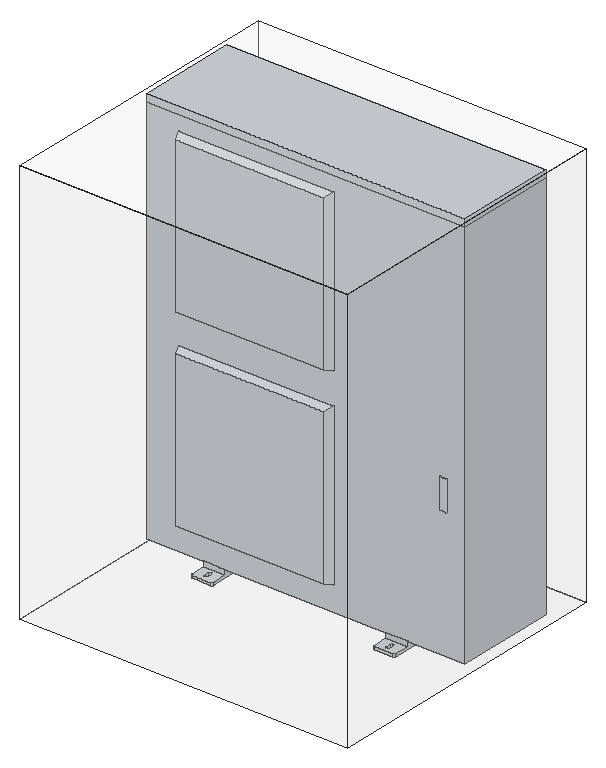
Revit family "puz-dhrmp80_140ka4_60hz", category 機械設備, Revit 2019
Family settings
  丸型コネクタ寸法 = 直径を使用
  パーツ タイプ = 標準
  OmniClass 番号 = 23.75.10.24.21.27.27
  OmniClass タイトル = Split System Air Conditioning Units
  作業面ベース = いいえ
  常に垂直 = はい
  ロード時にボイドで切り取り = いいえ
  共有 = いいえ
  部屋計算ポイント = いいえ
Parameters (values of type "室外機_PUZ-DHRMP112KA4")
  音響パワーレベル_冷房 (dB) = 66
  音響パワーレベル_暖房 (dB) = 69
  音響パワーレベル(dB) = [音響パワーレベル_暖房 (dB)]  # 69
  電源種別 = ""
  電源位置Y = 2 mm
  電源位置Z = 1063 mm
  電源位置X = 325 mm
  電圧 = 200 V
  電動機出力_送風機 = 0.12 kW
  電動機出力_圧縮機 = 2.1 kW
  集中コントローラ [instance] = ""
  運転質量 = 0.00 kg
  運転方法 = "冷暖切替"
  質量 = if(製品質量 > 運転質量, 製品質量, 運転質量) * 1.2  # 138.00 kg
  負荷分類 = 1_熱源類
  説明 = "空冷H/P PAC インバータ室外機"
  設計暖房能力 [instance] = 0 kW
  設計冷房能力_顕熱 [instance] = 0 kW
  設計冷房能力 [instance] = 0 kW
  設置方法 = "床置形"
  記号 [instance] = ""
  製造元 = "三菱電機株式会社"
  製品質量 = 115.00 kg
  製品出荷対象 = "国内"
  製品リリース年月 = ""
  製品グループ = ""
  系統 [instance] = ""
  符号 = "PAC"
  積算_科目 = "1 空気調和設備"
  積算_拾い区分 [instance] = ""
  相 = 3
  盤記号 [instance] = ""
  発停方法 = "付属スイッチ"
  特殊仕様 [instance] = ""
  消費電力_暖房 = 2.69 kW
  消費電力_冷房 = 2.5 kW
  消費電力 = if(消費電力_冷房 > 消費電力_暖房, 消費電力_冷房, 消費電力_暖房)  # 2.69 kW
  法定耐用年数 = "6"
  構成品番 = "PUZ-DHRMP112KA4"
  極数 = 3
  材質 [instance] = ""
  本体マテリアル = none
  最小電線太さ_mm2 = 5.5
  最大電流値 = 0 A
  暖房能力 = 11.2 kW
  推奨ブレーカー容量 = 30 A
  据付ピッチ1 = 0 mm
  形式 = "パッケージ形 室外機"
  形名 = PUZ-HDRMP-3 : PUZ-HDRMP-3
  幹線記号 [instance] = ""
  始動方式 = "インバータ始動方式"
  呼称 = "パッケージ形空気調和機_室外機"
  周波数 = 60 Hz
  価格 = 0
  ドレン　位置Z = 23 mm
  ドレン　位置Y = 176 mm
  ドレン　位置X = 45 mm
  アンカーボルト位置Y = 370 mm
  アンカーボルト位置X = 600 mm
  参照している仕様書等のバージョン = "公共建築物標準仕様書（機械設備工事編）平成31年度版"
  分類コード = "5.0053E+13"
  分類グループ = ""
  冷房能力 = 10 kW
  冷媒管（ガス）位置X = 483 mm
  冷媒管（液）位置X = 423 mm
  冷媒管（液）位置Y = 290 mm
  冷媒管（ガス）位置Y = 234 mm
  冷媒管長 [instance] = 0 mm
  冷媒管径符号 = "Bd"
  冷媒管径 = 100.00 mm
  冷媒管位置Z = 450 mm
  冷媒管位置Y = (冷媒管（液）位置Y + 冷媒管（ガス）位置Y) / 2  # 262 mm
  冷媒管位置X = (冷媒管（液）位置X + 冷媒管（ガス）位置X) / 2  # 453 mm
  冷媒液管径 = 9.52 mm
  冷媒ガス管径 = 15.88 mm
  企業コード = "108420"
  付属品 [instance] = ""
  仕様書バージョン = "Version1.0"
  ユニット数 = 1
  Model = ""
  ドレン管径 = 33.00 mm
  サービススペース = yes
  コメント [instance] = ""
  ケーブル種類1 = ""
  【値が 0 の項目は組合せ形名にてご確認ください】 = ""
  Width = 1050 mm
  Version = ""
  Uniclass2015Version = "Systems v1.9"
  Uniclass2015Title = "Split coil remote air cooled condensing units"
  Uniclass2015Code = "Pr_70_65_03_84"
  URL = "https://www.mitsubishielectric.co.jp/ldg/wink/ssl/top.do"
  SpecificationReference = ""
  SpecificationDescription = ""
  Revision = ""
  ProductInformation = ""
  OmniClassCode = "23-33 17 13 11"
  IfcTypeProduct = ""
  IfcProduct = ""
  IfcExportType = "AIRCONDITIONINGUNIT"
  IfcExportAs = "IfcUnitaryEquipmentType"
  Height = 1338 mm
  Depth = 330 mm
  Clearance Top = 0 mm
  Clearance Right = 15 mm
  Clearance Left = 15 mm
  Clearance Front = 500 mm
  Clearance Bottom = 0 mm
  Clearance Back = 150 mm
  COP = 0
  Author = "三菱電機株式会社"
  APF = 0
Reference planes
  plane 1 "中心(正面/背面)": y = 74
  plane 2: z = 0
  plane 3 "中心(左/右)": x = 830
  plane 4 "右": x = 1355
  plane 5 "左": x = 305
  plane 6 "背面": y = 239
  plane 7 "正面": y = -91
  plane 8 "上部": z = 1338
  plane 9 "Clearanse Top": z = 1338
  plane 10 "SS_back": y = 389
  plane 11 "SS_front": y = -591
  plane 12 "SS_left": x = 290
  plane 13 "SS_right": x = 1370
  plane 14: z = 0
  plane 15: y = -89
  plane 16: x = 1155
  plane 17: z = 1063
  plane 18: y = -87
  plane 19: y = -23
  plane 20: x = 1283
  plane 21: z = 450
  plane 22: z = 452
  plane 23: y = 63
  plane 24: x = 350
  plane 25: z = 25
  plane 26: z = 23
  plane 27: x = 530
  plane 28: x = 1130
  plane 29: y = 259
  plane 30: y = -111
Forms (mm)
  Extrusion 1, solid, detail levels fine
    sketch origin (0, -91, 0) x (1, 0, 0) y (0, 0, 1)
      loop
        circle (1155, 1063) r 13.5
    from -4 to -2
  Extrusion 2, solid, detail levels fine
    sketch origin (-1437.329, -1524, 54) x (-1, 0, 0) y (0, -1, 0)
      loop
        circle (-2720.329, -1501) r 50
    from 396 to 398
  Extrusion 3, solid, detail levels fine
    sketch origin (-1437.329, -1524, 54) x (-1, 0, 0) y (0, -1, 0)
      loop
        circle (-1787.329, -1587) r 16.5
    from -31 to -29
Lines and regions (mm)
  model lines, not visible
    curve 1: line (460, 178.667, 1289.179) -> (460, 297.73, 1289.179)
    curve 2: line (460, 178.667, 1056.056) -> (460, 178.667, 1289.179)
    curve 3: line (460, 297.73, 1056.056) -> (460, 178.667, 1056.056)
    curve 4: line (460, 297.73, 1289.179) -> (460, 297.73, 1056.056)
    curve 5: line (460, 47.598, 1289.179) -> (460, 166.661, 1289.179)
    curve 6: line (460, 47.598, 1056.056) -> (460, 47.598, 1289.179)
    curve 7: line (460, 166.661, 1056.056) -> (460, 47.598, 1056.056)
    curve 8: line (460, 166.661, 1289.179) -> (460, 166.661, 1056.056)
    curve 9: line (460, -83.471, 1289.179) -> (460, 35.592, 1289.179)
    curve 10: line (460, -83.471, 1056.056) -> (460, -83.471, 1289.179)
    curve 11: line (460, 35.592, 1056.056) -> (460, -83.471, 1056.056)
    curve 12: line (460, 35.592, 1289.179) -> (460, 35.592, 1056.056)
    curve 13: line (460, -150.779, 1289.179) -> (460, -95.75, 1289.179)
    curve 14: line (460, -150.779, 1056.056) -> (460, -150.779, 1289.179)
    curve 15: line (460, -95.75, 1056.056) -> (460, -150.779, 1056.056)
    curve 16: line (460, -95.75, 1289.179) -> (460, -95.75, 1056.056)
    curve 17: line (460, -150.779, 1283.175) -> (460, -132.596, 1283.175)
    curve 18: line (460, -150.779, 1062.059) -> (460, -150.779, 1283.175)
    curve 19: line (460, -132.596, 1062.059) -> (460, -150.779, 1062.059)
    curve 20: line (460, -132.596, 1283.175) -> (460, -132.596, 1062.059)
    curve 21: line (460, 178.667, 1046.051) -> (460, 297.73, 1046.051)
    curve 22: line (460, 178.667, 812.928) -> (460, 178.667, 1046.051)
    curve 23: line (460, 297.73, 812.928) -> (460, 178.667, 812.928)
    curve 24: line (460, 297.73, 1046.051) -> (460, 297.73, 812.928)
    curve 25: line (460, 47.598, 1046.051) -> (460, 166.661, 1046.051)
    curve 26: line (460, 47.598, 812.928) -> (460, 47.598, 1046.051)
    curve 27: line (460, 166.661, 812.928) -> (460, 47.598, 812.928)
    curve 28: line (460, 166.661, 1046.051) -> (460, 166.661, 812.928)
    curve 29: line (460, -83.471, 1046.051) -> (460, 35.592, 1046.051)
    curve 30: line (460, -83.471, 812.928) -> (460, -83.471, 1046.051)
    curve 31: line (460, 35.592, 812.928) -> (460, -83.471, 812.928)
    curve 32: line (460, 35.592, 1046.051) -> (460, 35.592, 812.928)
    curve 33: line (460, -150.779, 1046.051) -> (460, -95.75, 1046.051)
    curve 34: line (460, -150.779, 812.928) -> (460, -150.779, 1046.051)
    curve 35: line (460, -95.75, 812.928) -> (460, -150.779, 812.928)
    curve 36: line (460, -95.75, 1046.051) -> (460, -95.75, 812.928)
    curve 37: line (460, -150.779, 1040.048) -> (460, -132.596, 1040.048)
    curve 38: line (460, -150.779, 818.931) -> (460, -150.779, 1040.048)
    curve 39: line (460, -132.596, 818.931) -> (460, -150.779, 818.931)
    curve 40: line (460, -132.596, 1040.048) -> (460, -132.596, 818.931)
    curve 41: line (460, 178.667, 802.923) -> (460, 297.73, 802.923)
    curve 42: line (460, 178.667, 569.8) -> (460, 178.667, 802.923)
    curve 43: line (460, 297.73, 569.8) -> (460, 178.667, 569.8)
    curve 44: line (460, 297.73, 802.923) -> (460, 297.73, 569.8)
    curve 45: line (460, 47.598, 802.923) -> (460, 166.661, 802.923)
    curve 46: line (460, 47.598, 569.8) -> (460, 47.598, 802.923)
    curve 47: line (460, 166.661, 569.8) -> (460, 47.598, 569.8)
    curve 48: line (460, 166.661, 802.923) -> (460, 166.661, 569.8)
    curve 49: line (460, -83.471, 802.923) -> (460, 35.592, 802.923)
    curve 50: line (460, -83.471, 569.8) -> (460, -83.471, 802.923)
    curve 51: line (460, 35.592, 569.8) -> (460, -83.471, 569.8)
    curve 52: line (460, 35.592, 802.923) -> (460, 35.592, 569.8)
    curve 53: line (460, -150.779, 802.923) -> (460, -95.75, 802.923)
    curve 54: line (460, -150.779, 569.8) -> (460, -150.779, 802.923)
    curve 55: line (460, -95.75, 569.8) -> (460, -150.779, 569.8)
    curve 56: line (460, -95.75, 802.923) -> (460, -95.75, 569.8)
    curve 57: line (460, -150.779, 796.92) -> (460, -132.596, 796.92)
    curve 58: line (460, -150.779, 575.803) -> (460, -150.779, 796.92)
    curve 59: line (460, -132.596, 575.803) -> (460, -150.779, 575.803)
    curve 60: line (460, -132.596, 796.92) -> (460, -132.596, 575.803)
    curve 61: line (460, 178.667, 559.795) -> (460, 297.73, 559.795)
    curve 62: line (460, 178.667, 326.672) -> (460, 178.667, 559.795)
    curve 63: line (460, 297.73, 326.672) -> (460, 178.667, 326.672)
    curve 64: line (460, 297.73, 559.795) -> (460, 297.73, 326.672)
    curve 65: line (460, 47.598, 559.795) -> (460, 166.661, 559.795)
    curve 66: line (460, 47.598, 326.672) -> (460, 47.598, 559.795)
    curve 67: line (460, 166.661, 326.672) -> (460, 47.598, 326.672)
    curve 68: line (460, 166.661, 559.795) -> (460, 166.661, 326.672)
    curve 69: line (460, -83.471, 559.795) -> (460, 35.592, 559.795)
    curve 70: line (460, -83.471, 326.672) -> (460, -83.471, 559.795)
    curve 71: line (460, 35.592, 326.672) -> (460, -83.471, 326.672)
    curve 72: line (460, 35.592, 559.795) -> (460, 35.592, 326.672)
    curve 73: line (460, -150.779, 559.795) -> (460, -95.75, 559.795)
    curve 74: line (460, -150.779, 326.672) -> (460, -150.779, 559.795)
    curve 75: line (460, -95.75, 326.672) -> (460, -150.779, 326.672)
    curve 76: line (460, -95.75, 559.795) -> (460, -95.75, 326.672)
    curve 77: line (460, -150.779, 553.792) -> (460, -132.596, 553.792)
    curve 78: line (460, -150.779, 332.675) -> (460, -150.779, 553.792)
    curve 79: line (460, -132.596, 332.675) -> (460, -150.779, 332.675)
    curve 80: line (460, -132.596, 553.792) -> (460, -132.596, 332.675)
    curve 81: line (460, 178.667, 316.667) -> (460, 297.73, 316.667)
    curve 82: line (460, 178.667, 83.544) -> (460, 178.667, 316.667)
    curve 83: line (460, 297.73, 83.544) -> (460, 178.667, 83.544)
    curve 84: line (460, 297.73, 316.667) -> (460, 297.73, 83.544)
    curve 85: line (460, 47.598, 316.667) -> (460, 166.661, 316.667)
    curve 86: line (460, 47.598, 83.544) -> (460, 47.598, 316.667)
    curve 87: line (460, 166.661, 83.544) -> (460, 47.598, 83.544)
    curve 88: line (460, 166.661, 316.667) -> (460, 166.661, 83.544)
    curve 89: line (460, -83.471, 316.667) -> (460, 35.592, 316.667)
    curve 90: line (460, -83.471, 83.544) -> (460, -83.471, 316.667)
    curve 91: line (460, 35.592, 83.544) -> (460, -83.471, 83.544)
    curve 92: line (460, 35.592, 316.667) -> (460, 35.592, 83.544)
    curve 93: line (460, -150.779, 316.667) -> (460, -95.75, 316.667)
    curve 94: line (460, -150.779, 83.544) -> (460, -150.779, 316.667)
    curve 95: line (460, -95.75, 83.544) -> (460, -150.779, 83.544)
    curve 96: line (460, -95.75, 316.667) -> (460, -95.75, 83.544)
    curve 97: line (460, -150.779, 310.664) -> (460, -132.596, 310.664)
    curve 98: line (460, -150.779, 89.547) -> (460, -150.779, 310.664)
    curve 99: line (460, -132.596, 89.547) -> (460, -150.779, 89.547)
    curve 100: line (460, -132.596, 310.664) -> (460, -132.596, 89.547)
Dimensions and locks
  equal spacing: plane 7 "正面", plane 1 "中心(正面/背面)", plane 6 "背面"
  "Depth": plane 7 "正面" to plane 6 "背面"
  "Width": plane 5 "左" to plane 4 "右"
  equal spacing: plane 5 "左", plane 3 "中心(左/右)", plane 4 "右"
  "Clearance Left": plane 12 "SS_left" to plane 5 "左"
  "Clearance Right": plane 4 "右" to plane 13 "SS_right"
  "Clearance Back": plane 6 "背面" to plane 10 "SS_back"
  "Clearance Front": plane 11 "SS_front" to plane 7 "正面"
  "Height": plane 8 "上部" to level
  "Clearance Top": plane 9 "Clearanse Top" to plane 8 "上部"
  "Clearance Bottom": level to plane 14
  "電源位置X": plane 3 "中心(左/右)" to plane 16
  "電源位置Y": plane 7 "正面" to plane 15
  "電源位置Z": plane 17 to level
  locked: plane 15 to plane 18 at 2
  "冷媒管位置X": plane 3 "中心(左/右)" to plane 20
  "冷媒管位置Y": plane 19 to plane 6 "背面"
  "冷媒管位置Z": plane 21 to level
  locked: plane 22 to plane 21 at 2
  "ドレン　位置X": plane 5 "左" to plane 24
  "ドレン　位置Y": plane 23 to plane 6 "背面"
  locked: plane 25 to plane 26 at 2
  "ドレン　位置Z": plane 26 to level
  equal spacing: plane 30, plane 1 "中心(正面/背面)", plane 29
  "アンカーボルト位置Y": plane 30 to plane 29
  equal spacing: plane 27, plane 3 "中心(左/右)", plane 28
  "アンカーボルト位置X": plane 27 to plane 28
  radius of Extrusion 1 sketch curve = 13.5 mm
  "冷媒管径": diameter of Extrusion 2 sketch curve
  "ドレン管径": diameter of Extrusion 3 sketch curve
  aligned and locked: level to plane 2
  aligned and locked: plane 10 "SS_back" to nested 1  (x2)
  aligned and locked: plane 13 "SS_right" to nested 1
  aligned and locked: plane 12 "SS_left" to nested 1  (x2)
  aligned and locked: nested 1 to plane 13 "SS_right"
  aligned and locked: plane 11 "SS_front" to nested 1
  aligned and locked: plane 9 "Clearanse Top" to nested 1
  aligned and locked: plane 1 "中心(正面/背面)" to nested 2
  aligned and locked: plane 3 "中心(左/右)" to nested 2
  aligned and locked: plane 14 to nested 1
  aligned and locked: plane 17 to Extrusion 1 sketch curve
  aligned and locked: plane 16 to Extrusion 1 sketch curve
  aligned and locked: Extrusion 1 to plane 18
  aligned and locked: plane 15 to Extrusion 1
  aligned and locked: plane 19 to Extrusion 2 sketch curve
  aligned and locked: plane 20 to Extrusion 2 sketch curve
  aligned and locked: plane 22 to Extrusion 2
  aligned and locked: Extrusion 2 to plane 21
  aligned and locked: plane 24 to Extrusion 3 sketch curve
  aligned and locked: plane 23 to Extrusion 3 sketch curve
  aligned and locked: plane 25 to Extrusion 3
  aligned and locked: Extrusion 3 to plane 26
  aligned and locked: plane 27 to nested 3
  aligned and locked: plane 29 to nested 3
Nested families
  nested 1: "サービススペース" at (830, -101, 669), visible <- "サービススペース", type "サービススペース"
    with Width 1080 mm, Height 1338 mm, Depth 980 mm
  nested 2: "PUZ-HDRMP-3" at (830, 74, 0), type <- "形名", type "PUZ-HDRMP-3", detail levels fine
    with 冷媒ガス管径-Y 274 mm
  nested 3: "固定点" at (530, -111, 0), type "固定点"
    with W 600 mm, D 370 mm
Connectors
  piping at (1283, -23, 450), diameter 100, driven by "冷媒管径", driven by "冷媒管径符号"
    settings: on Extrusion 2, index 1, connector inside diameter 609.60 mm, connector length 0 mm, flow factor 0, pipe flow 0.0 L/s, pressure drop 0.0 Pa, fitting loss kfactor 0, connector angle 0.00°, fixture units 0, engagement length 0 mm, angle of deflection 0.00°, flow configuration 1, flow direction 2, fitting loss method 4, system type 7, joint type 0, gender type 0, connector reference index -1, connector utility 0, adjustable connector no, is connector primary yes, connector description "Bd"
  electrical at (1155, -89, 1063), driven by "極数", driven by "負荷分類", driven by "電圧", driven by "消費電力"
    settings: on Extrusion 1, index 2, voltage 200 V, apparent load 2690 VA, apparent load phase1 0 VA, apparent load phase2 0 VA, apparent load phase3 0 VA, power factor 1, load classification "1_熱源類", number of poles 3, system type 30, power factor state 1, is connector primary yes, connector utility no, sub classification motor no, connector description ""
Definition of nested family "サービススペース"
  Parameters (values of type "サービススペース")
    Width [instance] = 500 mm
    Height [instance] = 500 mm
    Depth [instance] = 500 mm
  Reference planes
    plane 1 "中心(正面/背面)": y = 0
    plane 2: z = 0
    plane 3 "中心(左/右)": x = 0
    plane 4: y = -250
    plane 5: x = 250
    plane 6: y = 250
    plane 7: x = -250
    plane 8: z = 250
    plane 9: z = -250
  Forms (mm)
    Extrusion 1, solid
      sketch origin (-638.939, 0, 72.39) x (1, 0, 0) y (0, 1, 0)
        loop
          line (388.939, 250) -> (388.939, -250) -> (888.939, -250) -> (888.939, 250) -> (388.939, 250)
      from -322.39 to 177.61
  Lines and regions (mm)
    symbolic lines
      curve 1: line (-250, 0, 250) -> (250, 0, 250)
      curve 2: line (-250, 0, -250) -> (-250, 0, 250)
      curve 3: line (250, 0, -250) -> (-250, 0, -250)
      curve 4: line (250, 0, 250) -> (250, 0, -250)
      curve 5: line (0, -250, 250) -> (0, 250, 250)
      curve 6: line (0, -250, -250) -> (0, -250, 250)
      curve 7: line (0, 250, -250) -> (0, -250, -250)
      curve 8: line (0, 250, 250) -> (0, 250, -250)
      curve 9: line (-250, 250, 0) -> (250, 250, 0)
      curve 10: line (-250, -250, 0) -> (-250, 250, 0)
      curve 11: line (250, -250, 0) -> (-250, -250, 0)
      curve 12: line (250, 250, 0) -> (250, -250, 0)
  Dimensions and locks
    equal spacing: plane 7, plane 3 "中心(左/右)", plane 5
    equal spacing: plane 4, plane 1 "中心(正面/背面)", plane 6
    "Depth": plane 4 to plane 6
    "Width": plane 7 to plane 5
    equal spacing: plane 8, plane 2, plane 9
    "Height": plane 8 to plane 9
    aligned and locked: plane 9 to curve 3
    aligned and locked: plane 7 to curve 2
    aligned and locked: curve 4 to plane 5
    aligned and locked: plane 5 to Extrusion 1
    aligned and locked: Extrusion 1 to plane 7
    aligned and locked: Extrusion 1 to plane 9
    aligned and locked: plane 8 to Extrusion 1
    aligned and locked: plane 9 to curve 7
  Automatic sketch dimensions
    plane 4 to Extrusion 1 sketch curve = 0 mm
    Extrusion 1 sketch curve to plane 7 = 0 mm
    Extrusion 1 sketch curve to plane 5 = 0 mm
    plane 6 to Extrusion 1 sketch curve = 0 mm
    curve 2 to plane 8 = 0 mm
    plane 4 to curve 11 = 0 mm
    curve 11 to plane 7 = 0 mm
    curve 11 to plane 5 = 0 mm
    plane 6 to curve 10 = 0 mm
    curve 7 to plane 4 = 0 mm
    curve 7 to plane 6 = 0 mm
    curve 6 to plane 8 = 0 mm
Definition of nested family "PUZ-HDRMP-3"
  Parameters (values of type "PUZ-ZRMP112KA11")
    配線取出口サイズ = 27 mm
    配線取出口-Z = 1063 mm
    配線取出口-Y = 325 mm
    配線取出口-X = 325 mm
    液配管サイズ = 100 mm
    高さ = 1338 mm
    換気-W = 362 mm
    換気-H2 = 632 mm
    換気-H1 = 369 mm
    換気-D = 25 mm
    奥行き = 330 mm
    吊りボルト_H = 0 mm
    吊りボルト-φ = 12 mm
    冷媒配管サイズ = 9.52 mm
    冷媒液管径-Z = 450 mm
    冷媒液管径-Y = 290 mm
    冷媒液管径-X = 423 mm
    冷媒ガス管径-Z = 421 mm
    冷媒ガス管径-Y = 234 mm
    冷媒ガス管径-X = 483 mm
    吊りボルト-W = 600 mm
    マテリアル = none
    ドレン配管サイズ = 33 mm
    ドレン管径-Z = 0 mm
    ドレン管径-Y = 154 mm
    ドレン管径-X = 480 mm
    タイプ3 = yes
    タイプ2 = no
    タイプ1 = no
    ガス配管サイズ = 15.88 mm
    吊りボルト-D = 370 mm
    幅さ = 1050 mm
    a = 幅さ / 2  # 525 mm
  Reference planes
    plane 1 "中心(正面/背面)": y = 0
    plane 2: z = 0
    plane 3 "中心(左/右)": x = 0
    plane 4: z = 1338
    plane 5: x = -525
    plane 6: x = 525
    plane 7: y = 165
    plane 8: y = -165
    plane 9: x = 587
    plane 10: y = -105
    plane 11: y = 5
    plane 12: z = 1313
    plane 13: x = -545
    plane 14: x = -300
    plane 15: x = 300
    plane 16: y = 185
    plane 17: y = -185
    plane 18: x = 335
    plane 19: x = 265
    plane 20: x = -265
    plane 21: x = -335
    plane 22: y = 204
    plane 23: y = -218
    plane 24: z = 8.5
    plane 25: z = 25
    plane 26: z = 23
    plane 27: z = 1333
    plane 28: y = -40
    plane 29: y = 40
    plane 30: y = -30
    plane 31: y = 30
    plane 32: z = 1318
    plane 33: z = 55
    plane 34: z = 225
    plane 35: z = 570
    plane 36: x = 535
    plane 37: x = 556
    plane 38: y = -190
    plane 39: x = -163
    plane 40: z = 369
    plane 41: x = 91
    plane 42: x = -417
    plane 43: z = 633
    plane 44: z = 105
    plane 45: x = -407
    plane 46: x = 81
    plane 47: z = 623
    plane 48: z = 115
    plane 49: y = 115
    plane 50: y = -115
    plane 51: x = -480
    plane 52: y = -11
    plane 53: x = 483
    plane 54: x = 325
    plane 55: y = -160
    plane 56: y = -125
    plane 57: y = -69
    plane 58: x = 423
    plane 59: z = 421
    plane 60: z = 450
    plane 61: z = 1063
    plane 62: y = -110
    plane 63: z = 550
    plane 64: z = 550
    plane 65: x = 453
    plane 66: y = -97
    plane 67 "グループ": x = -525
    plane 68: z = 1338
    plane 69: z = 943
    plane 70: z = 1001
    plane 71: z = 1265
    plane 72: z = 737
    plane 73: z = 1255
    plane 74: z = 747
    plane 75: y = 125
    plane 76: x = -370
    plane 77: x = -210
    plane 78: x = -50
    plane 79: x = 110
  Forms (mm)
    Extrusion 1, solid, visible <- "タイプ3", detail levels fine
      sketch origin (-1437.329, -1524, 1338) x (-1, 0, 0) y (0, -1, 0)
        loop
          line (-1102.329, -1689) -> (-1102.329, -1359) -> (-1172.329, -1359) -> (-1172.329, -1689) -> (-1102.329, -1689)
        loop
          line (-1702.329, -1689) -> (-1702.329, -1359) -> (-1772.329, -1359) -> (-1772.329, -1689) -> (-1702.329, -1689)
      from -1338 to -1313
    Extrusion 2, solid, material <- "マテリアル", visible <- "タイプ3", detail levels fine
      sketch origin (-1437.329, -1524, 1338) x (-1, 0, 0) y (0, -1, 0)
        loop
          line (-1962.329, -1689) -> (-912.329, -1689) -> (-912.329, -1359) -> (-1962.329, -1359) -> (-1962.329, -1689)
      from -1313 to -25
    Extrusion 3, solid, material <- "マテリアル", visible <- "タイプ3", detail levels fine
      sketch origin (-1437.329, -1524, 1338) x (-1, 0, 0) y (0, -1, 0)
        loop
          line (-912.329, -1689) -> (-912.329, -1359) -> (-1962.329, -1359) -> (-1962.329, -1689) -> (-912.329, -1689)
      from -25 to 0
    Blend 4, solid, material <- "マテリアル", visible <- "タイプ3", detail levels fine
      base sketch origin (0, 0, 0) x (1, 0, 0) y (0, 0, 1)
        loop
          line (-417, 633) -> (-417, 105) -> (91, 105) -> (91, 633) -> (-417, 633)
      top sketch origin (0, 0, 0) x (1, 0, 0) y (0, 0, 1)
        loop
          line (-407, 623) -> (-407, 115) -> (81, 115) -> (81, 623) -> (-407, 623)
      from 165 to 190
    Extrusion 5, solid, material <- "マテリアル", visible <- "タイプ3", detail levels fine
      sketch origin (-1437.329, -1524, 1338) x (-1, 0, 0) y (0, -1, 0)
        loop
          circle (-1920.329, -1455) r 7.94
      from -917 to -788
    Extrusion 6, solid, material <- "マテリアル", visible <- "タイプ3", detail levels fine
      sketch origin (-1437.329, -1524, 1338) x (-1, 0, 0) y (0, -1, 0)
        loop
          circle (-1860.329, -1399) r 4.76
      from -888 to -788
    Extrusion 7, solid, material <- "マテリアル", visible <- "タイプ3", detail levels fine
      sketch origin (1480.036, -190, 1200) x (1, 0, 0) y (0, 0, 1)
        loop
          circle (-1155.036, -137) r 13.5
      from -80 to -30
    Extrusion 8, solid, material <- "マテリアル", visible <- "タイプ3", detail levels fine
      sketch origin (-1437.329, -1524, 1338) x (-1, 0, 0) y (0, -1, 0)
        loop
          circle (-1890.329, -1427) r 50
      from -888 to -788
    Blend 9, solid, material <- "マテリアル", visible <- "タイプ3", detail levels fine
      base sketch origin (1480.036, -190, 1200) x (1, 0, 0) y (0, 0, 1)
        loop
          line (-1897.036, 65) -> (-1897.036, -463) -> (-1389.036, -463) -> (-1389.036, 65) -> (-1897.036, 65)
      top sketch origin (1480.036, -190, 1200) x (1, 0, 0) y (0, 0, 1)
        loop
          line (-1887.036, 55) -> (-1887.036, -453) -> (-1399.036, -453) -> (-1399.036, 55) -> (-1887.036, 55)
      from -25 to 0
    Extrusion 10, solid, visible <- "タイプ3", detail levels fine
      sketch origin (-1437.329, -1524, 1338) x (-1, 0, 0) y (0, -1, 0)
        loop
          line (-1102.329, -1728) -> (-1102.329, -1689) -> (-1172.329, -1689) -> (-1172.329, -1728) -> (-1143.329, -1728) -> (-1143.329, -1709)
          arc (-1143.329, -1709) -> (-1137.329, -1703) -> (-1131.329, -1709) r 6
          line (-1131.329, -1709) -> (-1131.329, -1728) -> (-1102.329, -1728)
        loop
          line (-1102.329, -1359) -> (-1102.329, -1311)
          arc (-1102.329, -1311) -> (-1103.794, -1307.464) -> (-1107.329, -1306) r 5
          line (-1107.329, -1306) -> (-1167.329, -1306)
          arc (-1167.329, -1306) -> (-1170.865, -1307.464) -> (-1172.329, -1311) r 5
          line (-1172.329, -1311) -> (-1172.329, -1359) -> (-1102.329, -1359)
        loop
          arc (-1143.329, -1339) -> (-1137.329, -1345) -> (-1131.329, -1339) r 6
          line (-1131.329, -1339) -> (-1131.329, -1324)
          arc (-1131.329, -1324) -> (-1137.329, -1318) -> (-1143.329, -1324) r 6
          line (-1143.329, -1324) -> (-1143.329, -1339)
        loop
          line (-1772.329, -1728) -> (-1743.329, -1728) -> (-1743.329, -1709)
          arc (-1743.329, -1709) -> (-1737.329, -1703) -> (-1731.329, -1709) r 6
          line (-1731.329, -1709) -> (-1731.329, -1728) -> (-1702.329, -1728) -> (-1702.329, -1689) -> (-1772.329, -1689) -> (-1772.329, -1728)
        loop
          line (-1772.329, -1359) -> (-1702.329, -1359) -> (-1702.329, -1311)
          arc (-1702.329, -1311) -> (-1703.794, -1307.464) -> (-1707.329, -1306) r 5
          line (-1707.329, -1306) -> (-1767.329, -1306)
          arc (-1767.329, -1306) -> (-1770.865, -1307.464) -> (-1772.329, -1311) r 5
          line (-1772.329, -1311) -> (-1772.329, -1359)
        loop
          line (-1731.329, -1339) -> (-1731.329, -1324)
          arc (-1731.329, -1324) -> (-1737.329, -1318) -> (-1743.329, -1324) r 6
          line (-1743.329, -1324) -> (-1743.329, -1339)
          arc (-1743.329, -1339) -> (-1737.329, -1345) -> (-1731.329, -1339) r 6
      from -1338 to -1329.5
    Extrusion 11, solid, material <- "マテリアル", visible <- "タイプ3", detail levels fine
      sketch origin (-1437.329, -1524, 1338) x (-1, 0, 0) y (0, -1, 0)
        loop
          circle (-957.329, -1513) r 16.5
        loop
          circle (-1067.329, -1649) r 16.5
        loop
          circle (-1227.329, -1649) r 16.5
        loop
          circle (-1387.329, -1649) r 16.5
        loop
          circle (-1547.329, -1649) r 16.5
      from -1315 to -1313
  Cuts and joins
    joined: Extrusion 1, Extrusion 10
  Lines and regions (mm)
    Masking region 1, visible <- "タイプ3", detail levels coarse+medium
      outline origin (-1437.329, -1524, 1338) x (-1, 0, 0) y (0, -1, 0)
        loop
          line (-1962.329, -1689) -> (-1772.329, -1689) -> (-1772.329, -1728) -> (-1702.329, -1728) -> (-1702.329, -1689) -> (-1172.329, -1689) -> (-1172.329, -1728) -> (-1102.329, -1728) -> (-1102.329, -1689) -> (-912.329, -1689) -> (-912.329, -1359) -> (-1020.329, -1359) -> (-1030.329, -1334) -> (-1102.329, -1334) -> (-1102.329, -1306) -> (-1172.329, -1306) -> (-1172.329, -1334) -> (-1518.329, -1334) -> (-1528.329, -1359) -> (-1702.329, -1359) -> (-1702.329, -1306) -> (-1772.329, -1306) -> (-1772.329, -1359) -> (-1962.329, -1359) -> (-1962.329, -1689)
    model lines, visible <- "タイプ3", detail levels fine
      curve 1: line (447, 115, 1338) -> (-445, 115, 1338)
      curve 2: line (-445, -115, 1338) -> (447, -115, 1338)
      curve 3: line (-445, -45, 1338) -> (447, -45, 1338)
      curve 4: line (447, 45, 1338) -> (-445, 45, 1338)
      curve 5: line (-445, -35, 1338) -> (447, -35, 1338)
      curve 6: line (447, 35, 1338) -> (-445, 35, 1338)
      curve 7: line (-445, 115, 1338) -> (-445, 45, 1338)
      curve 8: line (447, -115, 1338) -> (447, -45, 1338)
      curve 9: line (-445, 35, 1338) -> (-445, -35, 1338)
      curve 10: line (-445, -45, 1338) -> (-445, -115, 1338)
      curve 11: line (447, -35, 1338) -> (447, 35, 1338)
      curve 12: line (447, 45, 1338) -> (447, 115, 1338)
      curve 13: line (479, -115, 1338) -> (479, 115, 1338)
      curve 14: line (462, -115, 1338) -> (462, 115, 1338)
      curve 15: line (-475, 115, 1338) -> (-475, -115, 1338)
      curve 16: line (-460, 115, 1338) -> (-460, -115, 1338)
      curve 17: line (-460, 115, 1338) -> (-475, 115, 1338)
      curve 18: line (-460, -115, 1338) -> (-475, -115, 1338)
      curve 19: line (462, 115, 1338) -> (479, 115, 1338)
      curve 20: line (462, -115, 1338) -> (479, -115, 1338)
      curve 21: line (-407, -190, 416.5) -> (81, -190, 416.5)
      curve 22: line (81, -190, 321.5) -> (-407, -190, 321.5)
      curve 23: line (-407, -190, 511.5) -> (81, -190, 511.5)
      curve 24: line (-407, -190, 606.5) -> (81, -190, 606.5)
      curve 25: line (81, -190, 226.5) -> (-407, -190, 226.5)
      curve 26: line (81, -190, 131.5) -> (-407, -190, 131.5)
      curve 27: line (-389.571, -190, 623) -> (-389.571, -190, 115)
      curve 28: line (63.571, -190, 115) -> (63.571, -190, 623)
      curve 29: line (-372.143, -190, 623) -> (-372.143, -190, 115)
      curve 30: line (-354.714, -190, 623) -> (-354.714, -190, 115)
      curve 31: line (-337.286, -190, 623) -> (-337.286, -190, 115)
      curve 32: line (-319.857, -190, 623) -> (-319.857, -190, 115)
      curve 33: line (-302.429, -190, 623) -> (-302.429, -190, 115)
      curve 34: line (-285, -190, 623) -> (-285, -190, 115)
      curve 35: line (-267.571, -190, 623) -> (-267.571, -190, 115)
      curve 36: line (-250.143, -190, 623) -> (-250.143, -190, 115)
      curve 37: line (-232.714, -190, 623) -> (-232.714, -190, 115)
      curve 38: line (-215.286, -190, 623) -> (-215.286, -190, 115)
      curve 39: line (-197.857, -190, 623) -> (-197.857, -190, 115)
      curve 40: line (-180.429, -190, 623) -> (-180.429, -190, 115)
      curve 41: line (-163, -190, 623) -> (-163, -190, 115)
      curve 42: line (-145.571, -190, 623) -> (-145.571, -190, 115)
      curve 43: line (-128.143, -190, 623) -> (-128.143, -190, 115)
      curve 44: line (-110.714, -190, 623) -> (-110.714, -190, 115)
      curve 45: line (-93.286, -190, 623) -> (-93.286, -190, 115)
      curve 46: line (-75.857, -190, 623) -> (-75.857, -190, 115)
      curve 47: line (-58.429, -190, 623) -> (-58.429, -190, 115)
      curve 48: line (-41, -190, 623) -> (-41, -190, 115)
      curve 49: line (-23.571, -190, 623) -> (-23.571, -190, 115)
      curve 50: line (-6.143, -190, 623) -> (-6.143, -190, 115)
      curve 51: line (11.286, -190, 623) -> (11.286, -190, 115)
      curve 52: line (28.714, -190, 623) -> (28.714, -190, 115)
      curve 53: line (46.143, -190, 623) -> (46.143, -190, 115)
      curve 54: line (-525, -100, 87) -> (-525, -60, 87)
      curve 55: line (-525, -100, 277) -> (-525, -100, 87)
      curve 56: line (-525, -60, 277) -> (-525, -100, 277)
      curve 57: line (-525, -60, 87) -> (-525, -60, 277)
      curve 58: line (-525, -100, 292) -> (-525, -60, 292)
      curve 59: line (-525, -100, 482) -> (-525, -100, 292)
      curve 60: line (-525, -60, 482) -> (-525, -100, 482)
      curve 61: line (-525, -60, 292) -> (-525, -60, 482)
      curve 62: line (-525, -100, 497) -> (-525, -60, 497)
      curve 63: line (-525, -100, 687) -> (-525, -100, 497)
      curve 64: line (-525, -60, 687) -> (-525, -100, 687)
      curve 65: line (-525, -60, 497) -> (-525, -60, 687)
      curve 66: line (-525, -100, 702) -> (-525, -60, 702)
      curve 67: line (-525, -100, 892) -> (-525, -100, 702)
      curve 68: line (-525, -60, 892) -> (-525, -100, 892)
      curve 69: line (-525, -60, 702) -> (-525, -60, 892)
      curve 70: line (-525, 60, 87) -> (-525, 100, 87)
      curve 71: line (-525, 60, 277) -> (-525, 60, 87)
      curve 72: line (-525, 100, 277) -> (-525, 60, 277)
      curve 73: line (-525, 100, 87) -> (-525, 100, 277)
      curve 74: line (-525, -46.667, 87) -> (-525, -6.667, 87)
      curve 75: line (-525, -46.667, 277) -> (-525, -46.667, 87)
      curve 76: line (-525, -6.667, 277) -> (-525, -46.667, 277)
      curve 77: line (-525, -6.667, 87) -> (-525, -6.667, 277)
      curve 78: line (-525, 6.667, 87) -> (-525, 46.667, 87)
      curve 79: line (-525, 6.667, 277) -> (-525, 6.667, 87)
      curve 80: line (-525, 46.667, 277) -> (-525, 6.667, 277)
      curve 81: line (-525, 46.667, 87) -> (-525, 46.667, 277)
      curve 82: line (-525, 60, 292) -> (-525, 100, 292)
      curve 83: line (-525, 60, 482) -> (-525, 60, 292)
      curve 84: line (-525, 100, 482) -> (-525, 60, 482)
      curve 85: line (-525, 100, 292) -> (-525, 100, 482)
      curve 86: line (-525, 60, 702) -> (-525, 100, 702)
      curve 87: line (-525, 60, 892) -> (-525, 60, 702)
      curve 88: line (-525, 100, 892) -> (-525, 60, 892)
      curve 89: line (-525, 100, 702) -> (-525, 100, 892)
      curve 90: line (-525, -46.667, 292) -> (-525, -6.667, 292)
      curve 91: line (-525, -46.667, 482) -> (-525, -46.667, 292)
      curve 92: line (-525, -6.667, 482) -> (-525, -46.667, 482)
      curve 93: line (-525, -6.667, 292) -> (-525, -6.667, 482)
      curve 94: line (-525, -46.667, 497) -> (-525, -6.667, 497)
      curve 95: line (-525, -46.667, 687) -> (-525, -46.667, 497)
      curve 96: line (-525, -6.667, 687) -> (-525, -46.667, 687)
      curve 97: line (-525, -6.667, 497) -> (-525, -6.667, 687)
      curve 98: line (-525, -46.667, 702) -> (-525, -6.667, 702)
      curve 99: line (-525, -46.667, 892) -> (-525, -46.667, 702)
      curve 100: line (-525, -6.667, 892) -> (-525, -46.667, 892)
      curve 101: line (-525, -6.667, 702) -> (-525, -6.667, 892)
      curve 102: line (-525, 6.667, 292) -> (-525, 46.667, 292)
      curve 103: line (-525, 6.667, 482) -> (-525, 6.667, 292)
      curve 104: line (-525, 46.667, 482) -> (-525, 6.667, 482)
      curve 105: line (-525, 46.667, 292) -> (-525, 46.667, 482)
      curve 106: line (-525, 6.667, 497) -> (-525, 46.667, 497)
      curve 107: line (-525, 6.667, 687) -> (-525, 6.667, 497)
      curve 108: line (-525, 46.667, 687) -> (-525, 6.667, 687)
      curve 109: line (-525, 46.667, 497) -> (-525, 46.667, 687)
      curve 110: line (-525, 6.667, 702) -> (-525, 46.667, 702)
      curve 111: line (-525, 6.667, 892) -> (-525, 6.667, 702)
      curve 112: line (-525, 46.667, 892) -> (-525, 6.667, 892)
      curve 113: line (-525, 46.667, 702) -> (-525, 46.667, 892)
      curve 114: line (-525, -100, 907) -> (-525, -60, 907)
      curve 115: line (-525, -100, 1097) -> (-525, -100, 907)
      curve 116: line (-525, -60, 1097) -> (-525, -100, 1097)
      curve 117: line (-525, -60, 907) -> (-525, -60, 1097)
      curve 118: line (-525, 60, 907) -> (-525, 100, 907)
      curve 119: line (-525, 60, 1097) -> (-525, 60, 907)
      curve 120: line (-525, 100, 1097) -> (-525, 60, 1097)
      curve 121: line (-525, 100, 907) -> (-525, 100, 1097)
      curve 122: line (-525, -46.667, 907) -> (-525, -6.667, 907)
      curve 123: line (-525, -46.667, 1097) -> (-525, -46.667, 907)
      curve 124: line (-525, -6.667, 1097) -> (-525, -46.667, 1097)
      curve 125: line (-525, -6.667, 907) -> (-525, -6.667, 1097)
      curve 126: line (-525, 6.667, 907) -> (-525, 46.667, 907)
      curve 127: line (-525, 6.667, 1097) -> (-525, 6.667, 907)
      curve 128: line (-525, 46.667, 1097) -> (-525, 6.667, 1097)
      curve 129: line (-525, 46.667, 907) -> (-525, 46.667, 1097)
      curve 130: line (-525, -100, 1112) -> (-525, -60, 1112)
      curve 131: line (-525, -100, 1302) -> (-525, -100, 1112)
      curve 132: line (-525, -60, 1302) -> (-525, -100, 1302)
      curve 133: line (-525, -60, 1112) -> (-525, -60, 1302)
      curve 134: line (-525, 60, 1112) -> (-525, 100, 1112)
      curve 135: line (-525, 60, 1302) -> (-525, 60, 1112)
      curve 136: line (-525, 100, 1302) -> (-525, 60, 1302)
      curve 137: line (-525, 100, 1112) -> (-525, 100, 1302)
      curve 138: line (-525, -46.667, 1112) -> (-525, -6.667, 1112)
      curve 139: line (-525, -46.667, 1302) -> (-525, -46.667, 1112)
      curve 140: line (-525, -6.667, 1302) -> (-525, -46.667, 1302)
      curve 141: line (-525, -6.667, 1112) -> (-525, -6.667, 1302)
      curve 142: line (-525, 6.667, 1112) -> (-525, 46.667, 1112)
      curve 143: line (-525, 6.667, 1302) -> (-525, 6.667, 1112)
      curve 144: line (-525, 46.667, 1302) -> (-525, 6.667, 1302)
      curve 145: line (-525, 46.667, 1112) -> (-525, 46.667, 1302)
      curve 303: line (81, -190, 1238.5) -> (-407, -190, 1238.5)
      curve 304: line (-407, -190, 763.5) -> (81, -190, 763.5)
      curve 305: line (-389.571, -190, 1255) -> (-389.571, -190, 747)
      curve 306: line (81, -190, 858.5) -> (-407, -190, 858.5)
      curve 307: line (81, -190, 1143.5) -> (-407, -190, 1143.5)
      curve 308: line (81, -190, 1048.5) -> (-407, -190, 1048.5)
      curve 309: line (-407, -190, 953.5) -> (81, -190, 953.5)
      curve 310: line (-372.143, -190, 1255) -> (-372.143, -190, 747)
      curve 311: line (-354.714, -190, 1255) -> (-354.714, -190, 747)
      curve 312: line (-337.286, -190, 1255) -> (-337.286, -190, 747)
      curve 313: line (-319.857, -190, 1255) -> (-319.857, -190, 747)
      curve 314: line (-302.429, -190, 1255) -> (-302.429, -190, 747)
      curve 315: line (-285, -190, 1255) -> (-285, -190, 747)
      curve 316: line (-267.571, -190, 1255) -> (-267.571, -190, 747)
      curve 317: line (-250.143, -190, 1255) -> (-250.143, -190, 747)
      curve 318: line (-232.714, -190, 1255) -> (-232.714, -190, 747)
      curve 319: line (-215.286, -190, 1255) -> (-215.286, -190, 747)
      curve 320: line (-197.857, -190, 1255) -> (-197.857, -190, 747)
      curve 321: line (-180.429, -190, 1255) -> (-180.429, -190, 747)
      curve 322: line (-163, -190, 1255) -> (-163, -190, 747)
      curve 323: line (-145.571, -190, 1255) -> (-145.571, -190, 747)
      curve 324: line (-128.143, -190, 1255) -> (-128.143, -190, 747)
      curve 325: line (-110.714, -190, 1255) -> (-110.714, -190, 747)
      curve 326: line (-93.286, -190, 1255) -> (-93.286, -190, 747)
      curve 327: line (-75.857, -190, 1255) -> (-75.857, -190, 747)
      curve 328: line (-58.429, -190, 1255) -> (-58.429, -190, 747)
      curve 329: line (-41, -190, 1255) -> (-41, -190, 747)
      curve 330: line (-23.571, -190, 1255) -> (-23.571, -190, 747)
      curve 331: line (-6.143, -190, 1255) -> (-6.143, -190, 747)
      curve 332: line (11.286, -190, 1255) -> (11.286, -190, 747)
      curve 333: line (28.714, -190, 1255) -> (28.714, -190, 747)
      curve 334: line (46.143, -190, 1255) -> (46.143, -190, 747)
      curve 335: line (63.571, -190, 1255) -> (63.571, -190, 747)
    model lines, visible <- "タイプ3", not visible, detail levels fine
      curve 146: line (-525, -100, 907) -> (-525, -60, 907)
      curve 147: line (-525, -100, 1097) -> (-525, -100, 907)
      curve 148: line (-525, -60, 1097) -> (-525, -100, 1097)
      curve 149: line (-525, -60, 907) -> (-525, -60, 1097)
      curve 150: line (-525, 60, 907) -> (-525, 100, 907)
      curve 151: line (-525, 60, 1097) -> (-525, 60, 907)
      curve 152: line (-525, 100, 1097) -> (-525, 60, 1097)
      curve 153: line (-525, 100, 907) -> (-525, 100, 1097)
      curve 154: line (-525, -46.667, 907) -> (-525, -6.667, 907)
      curve 155: line (-525, -46.667, 1097) -> (-525, -46.667, 907)
      curve 156: line (-525, -6.667, 1097) -> (-525, -46.667, 1097)
      curve 157: line (-525, -6.667, 907) -> (-525, -6.667, 1097)
      curve 158: line (-525, 6.667, 907) -> (-525, 46.667, 907)
      curve 159: line (-525, 6.667, 1097) -> (-525, 6.667, 907)
      curve 160: line (-525, 46.667, 1097) -> (-525, 6.667, 1097)
      curve 161: line (-525, 46.667, 907) -> (-525, 46.667, 1097)
      curve 162: line (-525, -100, 1112) -> (-525, -60, 1112)
      curve 163: line (-525, -100, 1302) -> (-525, -100, 1112)
      curve 164: line (-525, -60, 1302) -> (-525, -100, 1302)
      curve 165: line (-525, -60, 1112) -> (-525, -60, 1302)
      curve 166: line (-525, 60, 1112) -> (-525, 100, 1112)
      curve 167: line (-525, 60, 1302) -> (-525, 60, 1112)
      curve 168: line (-525, 100, 1302) -> (-525, 60, 1302)
      curve 169: line (-525, 100, 1112) -> (-525, 100, 1302)
      curve 170: line (-525, -46.667, 1112) -> (-525, -6.667, 1112)
      curve 171: line (-525, -46.667, 1302) -> (-525, -46.667, 1112)
      curve 172: line (-525, -6.667, 1302) -> (-525, -46.667, 1302)
      curve 173: line (-525, -6.667, 1112) -> (-525, -6.667, 1302)
      curve 174: line (-525, 6.667, 1112) -> (-525, 46.667, 1112)
      curve 175: line (-525, 6.667, 1302) -> (-525, 6.667, 1112)
      curve 176: line (-525, 46.667, 1302) -> (-525, 6.667, 1302)
      curve 177: line (-525, 46.667, 1112) -> (-525, 46.667, 1302)
      curve 194: line (-525, -100, 87) -> (-525, -60, 87)
      curve 195: line (-525, -100, 277) -> (-525, -100, 87)
      curve 196: line (-525, -60, 277) -> (-525, -100, 277)
      curve 197: line (-525, -60, 87) -> (-525, -60, 277)
      curve 198: line (-525, -100, 292) -> (-525, -60, 292)
      curve 199: line (-525, -100, 482) -> (-525, -100, 292)
      curve 200: line (-525, -60, 482) -> (-525, -100, 482)
      curve 201: line (-525, -60, 292) -> (-525, -60, 482)
      curve 202: line (-525, -100, 497) -> (-525, -60, 497)
      curve 203: line (-525, -100, 687) -> (-525, -100, 497)
      curve 204: line (-525, -60, 687) -> (-525, -100, 687)
      curve 205: line (-525, -60, 497) -> (-525, -60, 687)
      curve 206: line (-525, -100, 702) -> (-525, -60, 702)
      curve 207: line (-525, -100, 892) -> (-525, -100, 702)
      curve 208: line (-525, -60, 892) -> (-525, -100, 892)
      curve 209: line (-525, -60, 702) -> (-525, -60, 892)
      curve 210: line (-525, 60, 87) -> (-525, 100, 87)
      curve 211: line (-525, 60, 277) -> (-525, 60, 87)
      curve 212: line (-525, 100, 277) -> (-525, 60, 277)
      curve 213: line (-525, 100, 87) -> (-525, 100, 277)
      curve 214: line (-525, -46.667, 87) -> (-525, -6.667, 87)
      curve 215: line (-525, -46.667, 277) -> (-525, -46.667, 87)
      curve 216: line (-525, -6.667, 277) -> (-525, -46.667, 277)
      curve 217: line (-525, -6.667, 87) -> (-525, -6.667, 277)
      curve 218: line (-525, 6.667, 87) -> (-525, 46.667, 87)
      curve 219: line (-525, 6.667, 277) -> (-525, 6.667, 87)
      curve 220: line (-525, 46.667, 277) -> (-525, 6.667, 277)
      curve 221: line (-525, 46.667, 87) -> (-525, 46.667, 277)
      curve 222: line (-525, 60, 292) -> (-525, 100, 292)
      curve 223: line (-525, 60, 482) -> (-525, 60, 292)
      curve 224: line (-525, 100, 482) -> (-525, 60, 482)
      curve 225: line (-525, 100, 292) -> (-525, 100, 482)
      curve 226: line (-525, 60, 702) -> (-525, 100, 702)
      curve 227: line (-525, 60, 892) -> (-525, 60, 702)
      curve 228: line (-525, 100, 892) -> (-525, 60, 892)
      curve 229: line (-525, 100, 702) -> (-525, 100, 892)
      curve 230: line (-525, -46.667, 292) -> (-525, -6.667, 292)
      curve 231: line (-525, -46.667, 482) -> (-525, -46.667, 292)
      curve 232: line (-525, -6.667, 482) -> (-525, -46.667, 482)
      curve 233: line (-525, -6.667, 292) -> (-525, -6.667, 482)
      curve 234: line (-525, -46.667, 497) -> (-525, -6.667, 497)
      curve 235: line (-525, -46.667, 687) -> (-525, -46.667, 497)
      curve 236: line (-525, -6.667, 687) -> (-525, -46.667, 687)
      curve 237: line (-525, -6.667, 497) -> (-525, -6.667, 687)
      curve 238: line (-525, -46.667, 702) -> (-525, -6.667, 702)
      curve 239: line (-525, -46.667, 892) -> (-525, -46.667, 702)
      curve 240: line (-525, -6.667, 892) -> (-525, -46.667, 892)
      curve 241: line (-525, -6.667, 702) -> (-525, -6.667, 892)
      curve 242: line (-525, 6.667, 292) -> (-525, 46.667, 292)
      curve 243: line (-525, 6.667, 482) -> (-525, 6.667, 292)
      curve 244: line (-525, 46.667, 482) -> (-525, 6.667, 482)
      curve 245: line (-525, 46.667, 292) -> (-525, 46.667, 482)
      curve 246: line (-525, 6.667, 497) -> (-525, 46.667, 497)
      curve 247: line (-525, 6.667, 687) -> (-525, 6.667, 497)
      curve 248: line (-525, 46.667, 687) -> (-525, 6.667, 687)
      curve 249: line (-525, 46.667, 497) -> (-525, 46.667, 687)
      curve 250: line (-525, 6.667, 702) -> (-525, 46.667, 702)
      curve 251: line (-525, 6.667, 892) -> (-525, 6.667, 702)
      curve 252: line (-525, 46.667, 892) -> (-525, 6.667, 892)
      curve 253: line (-525, 46.667, 702) -> (-525, 46.667, 892)
    model lines, visible <- "タイプ2", not visible
      curve 178: line (-600, -100, 33.5) -> (-600, -60, 33.5)
      curve 179: line (-600, -100, 73.5) -> (-600, -100, 33.5)
      curve 180: line (-600, -60, 73.5) -> (-600, -100, 73.5)
      curve 181: line (-600, -60, 33.5) -> (-600, -60, 73.5)
      curve 182: line (-600, 60, 33.5) -> (-600, 100, 33.5)
      curve 183: line (-600, 60, 73.5) -> (-600, 60, 33.5)
      curve 184: line (-600, 100, 73.5) -> (-600, 60, 73.5)
      curve 185: line (-600, 100, 33.5) -> (-600, 100, 73.5)
      curve 186: line (-509, -46.667, 33.5) -> (-509, -6.667, 33.5)
      curve 187: line (-509, -46.667, 73.5) -> (-509, -46.667, 33.5)
      curve 188: line (-509, -6.667, 73.5) -> (-509, -46.667, 73.5)
      curve 189: line (-509, -6.667, 33.5) -> (-509, -6.667, 73.5)
      curve 190: line (-509, 6.667, 33.5) -> (-509, 46.667, 33.5)
      curve 191: line (-509, 6.667, 73.5) -> (-509, 6.667, 33.5)
      curve 192: line (-509, 46.667, 73.5) -> (-509, 6.667, 73.5)
      curve 193: line (-509, 46.667, 33.5) -> (-509, 46.667, 73.5)
      curve 287: line (-404.5, -100, 33.5) -> (-404.5, -60, 33.5)
      curve 288: line (-404.5, -100, 73.5) -> (-404.5, -100, 33.5)
      curve 289: line (-404.5, -60, 73.5) -> (-404.5, -100, 73.5)
      curve 290: line (-404.5, -60, 33.5) -> (-404.5, -60, 73.5)
      curve 291: line (-404.5, 60, 33.5) -> (-404.5, 100, 33.5)
      curve 292: line (-404.5, 60, 73.5) -> (-404.5, 60, 33.5)
      curve 293: line (-404.5, 100, 73.5) -> (-404.5, 60, 73.5)
      curve 294: line (-404.5, 100, 33.5) -> (-404.5, 100, 73.5)
      curve 295: line (-404.5, -46.667, 33.5) -> (-404.5, -6.667, 33.5)
      curve 296: line (-404.5, -46.667, 73.5) -> (-404.5, -46.667, 33.5)
      curve 297: line (-404.5, -6.667, 73.5) -> (-404.5, -46.667, 73.5)
      curve 298: line (-404.5, -6.667, 33.5) -> (-404.5, -6.667, 73.5)
      curve 299: line (-404.5, 6.667, 33.5) -> (-404.5, 46.667, 33.5)
      curve 300: line (-404.5, 6.667, 73.5) -> (-404.5, 6.667, 33.5)
      curve 301: line (-404.5, 46.667, 73.5) -> (-404.5, 6.667, 73.5)
      curve 302: line (-404.5, 46.667, 33.5) -> (-404.5, 46.667, 73.5)
    model lines, not visible
      curve 254: line (-338.5, -173.2, 372.5) -> (149.5, -173.2, 372.5)
      curve 255: line (149.5, -173.2, 277.5) -> (-338.5, -173.2, 277.5)
      curve 256: line (-338.5, -173.2, 467.5) -> (149.5, -173.2, 467.5)
      curve 257: line (-338.5, -173.2, 562.5) -> (149.5, -173.2, 562.5)
      curve 258: line (149.5, -173.2, 182.5) -> (-338.5, -173.2, 182.5)
      curve 259: line (149.5, -173.2, 87.5) -> (-338.5, -173.2, 87.5)
      curve 260: line (-321.071, -173.2, 579) -> (-321.071, -173.2, 71)
      curve 261: line (132.071, -173.2, 71) -> (132.071, -173.2, 579)
      curve 262: line (-303.643, -173.2, 579) -> (-303.643, -173.2, 71)
      curve 263: line (-286.214, -173.2, 579) -> (-286.214, -173.2, 71)
      curve 264: line (-268.786, -173.2, 579) -> (-268.786, -173.2, 71)
      curve 265: line (-251.357, -173.2, 579) -> (-251.357, -173.2, 71)
      curve 266: line (-233.929, -173.2, 579) -> (-233.929, -173.2, 71)
      curve 267: line (-216.5, -173.2, 579) -> (-216.5, -173.2, 71)
      curve 268: line (-199.071, -173.2, 579) -> (-199.071, -173.2, 71)
      curve 269: line (-181.643, -173.2, 579) -> (-181.643, -173.2, 71)
      curve 270: line (-164.214, -173.2, 579) -> (-164.214, -173.2, 71)
      curve 271: line (-146.786, -173.2, 579) -> (-146.786, -173.2, 71)
      curve 272: line (-129.357, -173.2, 579) -> (-129.357, -173.2, 71)
      curve 273: line (-111.929, -173.2, 579) -> (-111.929, -173.2, 71)
      curve 274: line (-94.5, -173.2, 579) -> (-94.5, -173.2, 71)
      curve 275: line (-77.071, -173.2, 579) -> (-77.071, -173.2, 71)
      curve 276: line (-59.643, -173.2, 579) -> (-59.643, -173.2, 71)
      curve 277: line (-42.214, -173.2, 579) -> (-42.214, -173.2, 71)
      curve 278: line (-24.786, -173.2, 579) -> (-24.786, -173.2, 71)
      curve 279: line (-7.357, -173.2, 579) -> (-7.357, -173.2, 71)
      curve 280: line (10.071, -173.2, 579) -> (10.071, -173.2, 71)
      curve 281: line (27.5, -173.2, 579) -> (27.5, -173.2, 71)
      curve 282: line (44.929, -173.2, 579) -> (44.929, -173.2, 71)
      curve 283: line (62.357, -173.2, 579) -> (62.357, -173.2, 71)
      curve 284: line (79.786, -173.2, 579) -> (79.786, -173.2, 71)
      curve 285: line (97.214, -173.2, 579) -> (97.214, -173.2, 71)
      curve 286: line (114.643, -173.2, 579) -> (114.643, -173.2, 71)
    symbolic lines, visible <- "タイプ3"
      curve 336: line (-344.073, 165, 1338) -> (-525, 165, 1338)
      curve 337: line (-525, 165, 1338) -> (-525, -165, 1338)
      curve 338: line (-525, -165, 1338) -> (-323.037, -165, 1338)
      curve 339: line (-417, -165, 1338) -> (-407, -190, 1338)
      curve 340: line (-407, -190, 1338) -> (-357.105, -190, 1338)
      curve 341: line (-335, -190, 1338) -> (-335, -218, 1338)
      curve 342: line (-335, -218, 1338) -> (-265, -218, 1338)
      curve 343: line (-265, -218, 1338) -> (-265, -190, 1338)
      curve 344: line (-357.105, -190, 1338) -> (81, -190, 1338)
      curve 345: line (81, -190, 1338) -> (91, -165, 1338)
      curve 346: line (-323.037, -165, 1338) -> (300.043, -165, 1338)
      curve 347: line (265, -165, 1338) -> (265, -218, 1338)
      curve 348: line (265, -218, 1338) -> (335, -218, 1338)
      curve 349: line (335, -218, 1338) -> (335, -165, 1338)
      curve 350: line (300.043, -165, 1338) -> (525, -165, 1338)
      curve 351: line (525, -165, 1338) -> (525, 165, 1338)
      curve 352: line (525, 165, 1338) -> (363.157, 165, 1338)
      curve 353: line (335, 165, 1338) -> (335, 204, 1338)
      curve 354: line (335, 204, 1338) -> (265, 204, 1338)
      curve 355: line (265, 204, 1338) -> (265, 165, 1338)
      curve 356: line (363.157, 165, 1338) -> (-344.073, 165, 1338)
      curve 357: line (-265, 165, 1338) -> (-265, 204, 1338)
      curve 358: line (-265, 204, 1338) -> (-335, 204, 1338)
      curve 359: line (-335, 204, 1338) -> (-335, 165, 1338)
      curve 360: line (-475, 115, 1338) -> (-460, 115, 1338)
      curve 361: line (-475, -115, 1338) -> (-475, 115, 1338)
      curve 362: line (-460, -115, 1338) -> (-475, -115, 1338)
      curve 363: line (-460, 115, 1338) -> (-460, -115, 1338)
      curve 364: line (-445, 115, 1338) -> (447, 115, 1338)
      curve 365: line (-445, 45, 1338) -> (-445, 115, 1338)
      curve 366: line (447, 45, 1338) -> (-445, 45, 1338)
      curve 367: line (447, 115, 1338) -> (447, 45, 1338)
      curve 368: line (447, 35, 1338) -> (-445, 35, 1338)
      curve 369: line (447, -35, 1338) -> (447, 35, 1338)
      curve 370: line (-445, -35, 1338) -> (447, -35, 1338)
      curve 371: line (-445, 35, 1338) -> (-445, -35, 1338)
      curve 372: line (-445, -45, 1338) -> (447, -45, 1338)
      curve 373: line (-445, -115, 1338) -> (-445, -45, 1338)
      curve 374: line (447, -115, 1338) -> (-445, -115, 1338)
      curve 375: line (447, -45, 1338) -> (447, -115, 1338)
      curve 376: line (462, -115, 1338) -> (479, -115, 1338)
      curve 377: line (462, 115, 1338) -> (462, -115, 1338)
      curve 378: line (479, 115, 1338) -> (462, 115, 1338)
      curve 379: line (479, -115, 1338) -> (479, 115, 1338)
  Dimensions and locks
    equal spacing: plane 8, plane 1 "中心(正面/背面)", plane 7
    "奥行き": plane 8 to plane 7
    equal spacing: plane 5, plane 3 "中心(左/右)", plane 6
    "幅さ": plane 5 to plane 6
    "高さ": plane 4 to level
    locked: plane 6 to plane 9 at 62
    locked: plane 8 to plane 10 at 60
    locked: plane 8 to plane 11 at 170
    locked: plane 4 to plane 12 at 25
    locked: plane 13 to plane 5 at 20
    "吊りボルト-D": plane 17 to plane 16
    equal spacing: plane 17, plane 1 "中心(正面/背面)", plane 16
    equal spacing: plane 14, plane 3 "中心(左/右)", plane 15
    "吊りボルト-W": plane 14 to plane 15
    plane 21 to plane 14 to plane 20 = 35 mm locked, 35 mm locked
    plane 19 to plane 15 to plane 18 = 35 mm locked, 35 mm locked
    locked: plane 16 to plane 22 at 19
    locked: plane 23 to plane 17 at 33
    locked: plane 24 to level at 8.5
    plane 25 to level = 25 mm
    locked: plane 4 to plane 27 at 5
    plane 7 to plane 1 "中心(正面/背面)" to plane 8 = 165 mm, 165 mm
    plane 29 to plane 1 "中心(正面/背面)" to plane 28 = 40 mm, 40 mm
    plane 31 to plane 1 "中心(正面/背面)" to plane 30 = 30 mm, 30 mm
    locked: plane 32 to plane 12 at 5
    locked: plane 33 to level at 55
    locked: plane 34 to level at 225
    equal spacing: plane 6, plane 37, plane 9
    locked: plane 6 to plane 36 at 10
    "換気-D": plane 38 to plane 8
    "換気-W": plane 39 to plane 5
    "換気-H1": plane 40 to level
    plane 41 to plane 39 to plane 42 = 254 mm locked, 254 mm locked
    plane 43 to plane 40 to plane 44 = 264 mm locked, 264 mm locked
    locked: plane 41 to plane 46 at 10
    locked: plane 45 to plane 42 at 10
    locked: plane 43 to plane 47 at 10
    locked: plane 48 to plane 44 at 10
    locked: curve 26 to plane 48 at 16.5
    locked: plane 47 to curve 24 at 16.5
    equal spacing: curve 24, curve 23, curve 21, curve 22, curve 25, curve 26
    equal spacing: plane 46, curve 28, curve 53, curve 52, curve 51, curve 50, curve 49, curve 48, curve 47, curve 46, curve 45, curve 44, curve 43, curve 42, curve 41, curve 40, curve 39, curve 38, curve 37, curve 36, curve 35, curve 34, curve 33, curve 32, curve 31, curve 30, curve 29, curve 27, plane 45
    locked: curve 4 to curve 6 at 10
    locked: curve 3 to curve 5 at 10
    locked: plane 49 to plane 7 at 50
    locked: plane 8 to plane 50 at 50
    "ドレン管径-Y": plane 8 to plane 52
    "配線取出口-Y": plane 55 to plane 7
    "冷媒液管径-Y": plane 56 to plane 7
    "冷媒ガス管径-Y": plane 57 to plane 7
    "配線取出口-X": plane 3 "中心(左/右)" to plane 54
    "冷媒ガス管径-X": plane 3 "中心(左/右)" to plane 53
    "冷媒液管径-X": plane 3 "中心(左/右)" to plane 58
    "冷媒液管径-Z": plane 60 to level
    "冷媒ガス管径-Z": plane 59 to level
    "配線取出口-Z": plane 61 to level
    locked: plane 55 to plane 62 at 50
    plane 63 to plane 59 = 129 mm
    locked: plane 64 to plane 60 at 100
    equal spacing: plane 58, plane 65, plane 53
    equal spacing: plane 56, plane 66, plane 57
    "a": plane 67 "グループ" to plane 3 "中心(左/右)"
    plane 69 to level = 943 mm
    plane 68 to level = 1338 mm
    locked: plane 35 to level at 570
    curve 21 to plane 40 to curve 22 = 47.5 mm locked, 47.5 mm locked
    "換気-H2": plane 70 to plane 40
    plane 71 to plane 70 to plane 72 = 264 mm locked, 264 mm locked
    locked: plane 74 to plane 72 at 10
    locked: plane 71 to plane 73 at 10
    locked: plane 73 to curve 303 at 16.5
    locked: curve 304 to plane 74 at 16.5
    equal spacing: curve 303, curve 307, curve 308, curve 309, curve 306, curve 304
    equal spacing: plane 46, curve 335, curve 334, curve 333, curve 332, curve 331, curve 330, curve 329, curve 328, curve 327, curve 326, curve 325, curve 324, curve 323, curve 322, curve 321, curve 320, curve 319, curve 318, curve 317, curve 316, curve 315, curve 314, curve 313, curve 312, curve 311, curve 310, curve 305, plane 45
    locked: plane 25 to plane 26 at 2
    "ドレン管径-X": plane 51 to plane 3 "中心(左/右)"
    locked: plane 52 to plane 75 at 136
    plane 51 to plane 76 to plane 77 to plane 78 to plane 79 = 110 mm locked, 160 mm locked, 160 mm locked, 160 mm locked
    "ガス配管サイズ": diameter of Extrusion 5 sketch curve
    "冷媒配管サイズ": diameter of Extrusion 6 sketch curve
    "配線取出口サイズ": diameter of Extrusion 7 sketch curve
    "液配管サイズ": diameter of Extrusion 8 sketch curve
    "ドレン配管サイズ": diameter of Extrusion 11 sketch curve  (x5)
    aligned and locked: level to plane 2
    aligned and locked: Extrusion 1 to level
    aligned and locked: plane 25 to Extrusion 1
    aligned and locked: Extrusion 2 sketch curve to plane 7
    aligned and locked: Extrusion 2 sketch curve to plane 8
    aligned and locked: Extrusion 2 sketch curve to plane 5
    aligned and locked: Extrusion 2 sketch curve to plane 6
    aligned and locked: Extrusion 2 to plane 25
    aligned and locked: plane 12 to Extrusion 2
    aligned and locked: Extrusion 3 sketch curve to Extrusion 2  (x4)
    aligned and locked: Extrusion 3 to plane 12
    aligned and locked: plane 4 to Extrusion 3
    aligned and locked: Blend 4 sketch curve to plane 43
    aligned and locked: Blend 4 sketch curve to plane 44
    aligned and locked: Blend 4 sketch curve to plane 42
    aligned and locked: Blend 4 sketch curve to plane 41
    aligned and locked: Blend 4 sketch curve to plane 47
    aligned and locked: Blend 4 sketch curve to plane 45
    aligned and locked: Blend 4 sketch curve to plane 46
    aligned and locked: Blend 4 sketch curve to plane 48
    aligned and locked: Blend 4 to plane 8
    aligned and locked: plane 38 to Blend 4
    aligned and locked: curve 17 to plane 49
    aligned and locked: curve 1 to plane 49
    aligned and locked: plane 49 to curve 19
    aligned and locked: curve 18 to plane 50
    aligned and locked: plane 50 to curve 2
